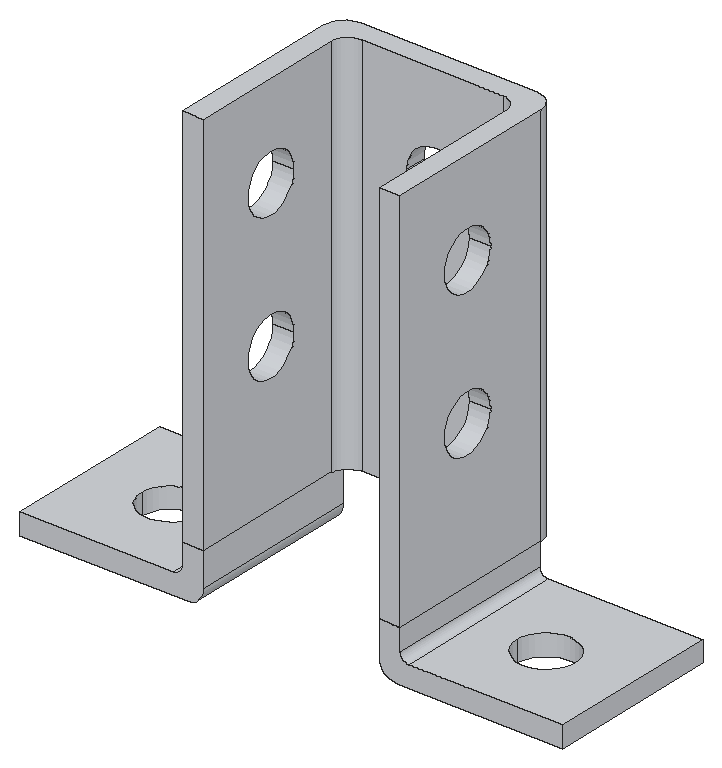
Revit family "MP32", category Generic Models, Revit 2017
Family settings
  Can host rebar = No
  Round Connector Dimension = Use Diameter
  Part Type = Normal
  Work Plane-Based = Yes
  Always vertical = No
  Cut with Voids When Loaded = No
  Shared = No
  Room Calculation Point = No
Parameters (values of type "NBS Standard Parameters")
  Weight = "0.745Kg"
  WarrantyStartDate [instance] = "1900-12-31T23:59:59"
  WarrantyGuarantorParts = "n/a"
  WarrantyGuarantorLabor = "n/a"
  WarrantyDurationUnit = "1 year"
  WarrantyDurationParts = "n/a"
  WarrantyDurationLabor = "n/a"
  WarrantyDescription = "n/a"
  Version = "1"
  Uniclass2 = "Pr_65_70_11_19"
  TagNumber [instance] = "n/a"
  SustainabilityPerformance = "n/a"
  Size = "n/a"
  Shape = "Flat"
  SerialNumber [instance] = "n/a"
  Revision = "n/a"
  ReplacementCost = "n/a"
  ProductInformation = "www.metpro.co.uk/pdf/mp32.pdf"
  NominalWidth = 45 mm
  NominalLength = 130 mm
  NominalHeight = 130 mm
  Name = ""
  NBSTypeID = ""
  NBSReference = "90-55-10/305"
  NBSOfficeMasterTag = ""
  NBSNote = ""
  NBSDescription = "Channel Cable Supports"
  NBSCertification = ""
  ModelReference = "MP32"
  ModelNumber = "n/a"
  Material = "Steel"
  ManufacturerURL = "www.metpro.co.uk"
  ManufacturerName = "Metpro Ltd"
  Keynote = "Compliant to LU standard 1-085"
  InstallationDate [instance] = "1900-12-31T23:59:59"
  IfcExportType = ""
  IfcExportAs = ""
  Grade = "n/a"
  Finish = "Hot Dipped Galvanised"
  Features = "n/a"
  ExpectedLife = "n/a"
  DurationUnit = "year"
  Description = "MP32 - 2 Lug Wing Bracket"
  Default Elevation = 1219.2 mm
  Constituents = "n/a"
  Color = "n/a"
  CodePerformance = "n/a"
  Category = "n/a"
  BarCode [instance] = "n/a"
  BIMObjectName = "Metpro_metprolibrary_Channelcablesupports_channelbracket"
  Author = "Metpro Ltd"
  AssetType = ""
  AssetIdentifier [instance] = "n/a"
  AccessibilityPerformance = "n/a"
Reference planes
  plane 1 "Center (Front/Back)": y = 0
  plane 2: z = 0
  plane 3 "Center (Left/Right)": x = 0
Forms (mm)
  Extrusion 1, solid
    sketch origin (1.939, 0, 12.286) x (1, 0, 0) y (0, 1, 0)
      loop
        line (-18.824, 22.165) -> (15.05, 22.165)
        arc (15.05, 22.165) -> (17.886, 20.991) -> (19.061, 18.155) r 4.01
        line (19.061, 18.155) -> (19.061, -19.835) -> (24.061, -19.835) -> (24.061, 22.165)
        arc (24.061, 22.165) -> (22.596, 25.701) -> (19.061, 27.165) r 5
        line (19.061, 27.165) -> (-22.939, 27.165)
        arc (-22.939, 27.165) -> (-26.475, 25.701) -> (-27.939, 22.165) r 5
        line (-27.939, 22.165) -> (-27.939, -19.835) -> (-22.939, -19.835) -> (-22.939, 18.05)
        arc (-22.939, 18.05) -> (-21.734, 20.96) -> (-18.824, 22.165) r 4.116
    from 0 to 92.5
  Extrusion 2, solid
    sketch origin (21, -19.835, 12.286) x (1, 0, 0) y (0, 0, 1)
      loop
        arc (6.979, -7.241) -> (5.58, -6.661) -> (5, -5.262) r 1.979
        line (5, -5.262) -> (5, 0) -> (0, 0) -> (0, -8.248)
        arc (0, -8.248) -> (1.169, -11.072) -> (3.993, -12.241) r 3.993
        line (3.993, -12.241) -> (5, -12.241) -> (44, -12.241) -> (44, -7.241) -> (6.979, -7.241)
      loop
        line (-86, -12.286) -> (-45.932, -12.286)
        arc (-45.932, -12.286) -> (-43.147, -11.091) -> (-42, -8.287) r 4
        line (-42, -8.287) -> (-42, 0) -> (-47, 0) -> (-47, -4.709)
        arc (-47, -4.709) -> (-47.742, -6.5) -> (-49.532, -7.241) r 2.532
        line (-49.532, -7.241) -> (-86, -7.241) -> (-86, -12.286)
    from -41.7 to 0
  Extrusion 3, void
    sketch origin (26, 22.165, 12.286) x (0, 1, 0) y (0, 0, -1)
      loop
        circle (-22, -70) r 6.977
      loop
        circle (-22, -35) r 6.978
    from 0 to 52
  Extrusion 4, void
    sketch origin (-24.932, -19.835, 0) x (1, 0, 0) y (0, 1, 0)
      loop
        circle (69.932, 20) r 7
      loop
        circle (-20.068, 20) r 7
    from 0 to 5.045
  Extrusion 5, void
    sketch origin (-144, 22.165, 12.286) x (-1, 0, 0) y (0, 0, 1)
      loop
        circle (-145, 68.717) r 7.025
      loop
        circle (-145, 33.717) r 7.003
    from 0 to 4.87
Cuts and joins
  Extrusion 3, Extrusion 5 cuts Extrusion 1
  Extrusion 4 cuts Extrusion 2
Dimensions and locks
  aligned and locked: level to plane 2
